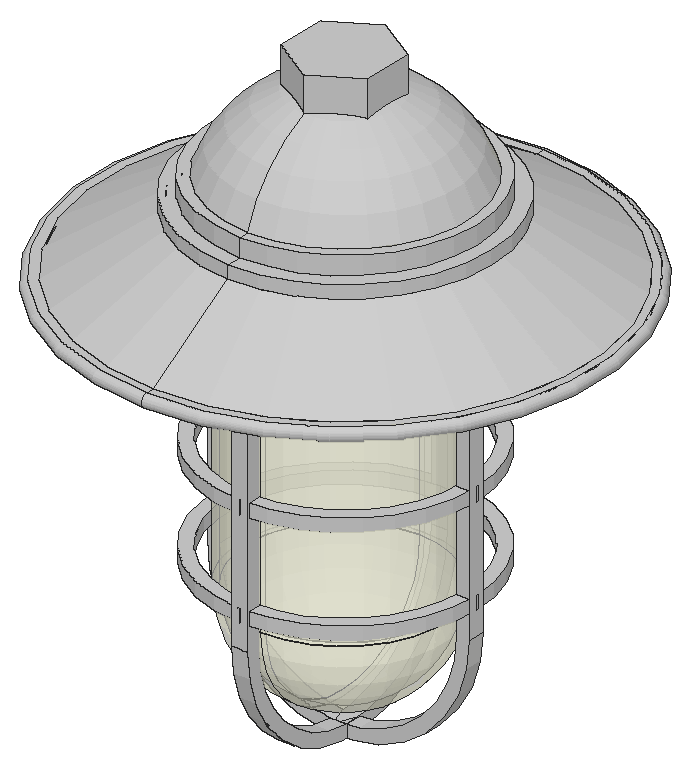
Revit family "HP1.CG", category Lighting Fixtures, Revit 2024
Family settings
  Round Connector Dimension = Use Diameter
  Part Type = Normal
  OmniClass Number = 23.80.70.00
  OmniClass Title = Lighting
  Work Plane-Based = No
  Always vertical = Yes
  Cut with Voids When Loaded = No
  Light Source = No
  Maintain Annotation Orientation = No
  Shared = No
  Room Calculation Point = No
Parameters
  Default Elevation = 0' - 0"
Reference planes (in)
  plane 1 "Light Source Axis (F/B)": y = 0
  plane 2: z = 0
  plane 3 "Light Source Axis (L/R)": x = 0
  plane 4 "Light Source Elevation": z = 55.8115
Forms (in)
  Extrusion 1, solid, material "49"
    sketch origin (9.35, 6.84003, 55.8115) x (-1, 0, 0) y (0, -1, 0)
      loop
        line (9.36163, 6.05272) -> (10.04346, 6.44638) -> (10.04346, 7.23369) -> (9.36163, 7.62734) -> (8.6798, 7.23369) -> (8.6798, 6.44638) -> (9.36163, 6.05272)
    from 8.87938 to 9.53136
  Extrusion 2, solid, material "49"
    sketch origin (1.35, 6.84003, -21.61075) x (0, 1, 0) y (0, 0, 1)
      loop
        line (-4.78958, 84.58935) -> (-4.99147, 84.58935) -> (-4.99147, 79.4727)
        arc (-4.99147, 79.4727) -> (-5.57549, 78.12432) -> (-6.95853, 77.62794) r 1.84856
        arc (-6.95853, 77.62794) -> (-8.1884, 78.20816) -> (-8.68859, 79.4727) r 1.84856
        line (-8.68859, 79.4727) -> (-8.68859, 84.58935) -> (-8.89048, 84.58935) -> (-8.89048, 79.4727)
        arc (-8.89048, 79.4727) -> (-6.84003, 77.42225) -> (-4.78958, 79.4727) r 2.05045
        line (-4.78958, 79.4727) -> (-4.78958, 84.58935)
    from -1.47618 to -1.22382
  Revolve 3, solid, material "49"
    sketch origin (0.00202, 6.84003, -21.61075) x (0, 1, 0) y (0, 0, 1)
      loop
        line (-6.84003, 86.56466) -> (-6.84003, 86.4709)
        arc (-6.84003, 86.4709) -> (-5.692, 86.10354) -> (-4.99589, 85.1195) r 1.90036
        line (-4.99589, 85.1195) -> (-4.83639, 85.1195) -> (-4.83639, 84.89938) -> (-4.79169, 84.89938) -> (-4.79169, 84.6831) -> (-5.08522, 84.6831) -> (-5.08522, 84.30461) -> (-4.99147, 84.30461) -> (-4.99147, 84.58935) -> (-4.72521, 84.58935) -> (-4.72521, 84.86703) -> (-4.64006, 84.86703) -> (-4.64006, 84.7086) -> (-3.06264, 83.73059)
        arc (-3.06264, 83.73059) -> (-2.88662, 83.7017) -> (-2.9673, 83.86078) r 0.1
        line (-2.9673, 83.86078) -> (-3.0947, 83.86078) -> (-4.54631, 84.76078) -> (-4.54631, 84.96078) -> (-4.77601, 84.96078) -> (-4.77601, 85.241) -> (-4.93721, 85.241)
        arc (-4.93721, 85.241) -> (-5.67655, 86.2077) -> (-6.84003, 86.56466) r 1.99411
      loop
        line (-4.99147, 82.87328) -> (-4.78958, 82.87328) -> (-4.78958, 83.07517) -> (-4.99147, 83.07517) -> (-4.99147, 82.87328)
      loop
        line (-4.99147, 81.35911) -> (-4.78958, 81.35911) -> (-4.78958, 81.561) -> (-4.99147, 81.561) -> (-4.99147, 81.35911)
      loop
        line (-4.99147, 79.84493) -> (-4.78958, 79.84493) -> (-4.78958, 80.04682) -> (-4.99147, 80.04682) -> (-4.99147, 79.84493)
      axis (-6.84003, 86.56466) -> (-6.84003, 79.84493)
    angle from 0 to 360
  Extrusion 4, solid, material "49"
    sketch origin (9.35, 5.40871, -21.61075) x (1, 0, 0) y (0, 0, 1)
      loop
        line (-11.40045, 84.58935) -> (-11.40045, 79.4727)
        arc (-11.40045, 79.4727) -> (-9.35, 77.42225) -> (-7.29955, 79.4727) r 2.05045
        line (-7.29955, 79.4727) -> (-7.29955, 84.58935) -> (-7.50144, 84.58935) -> (-7.50144, 79.4727)
        arc (-7.50144, 79.4727) -> (-8.05489, 78.15366) -> (-9.38383, 77.62445) r 1.84856
        arc (-9.38383, 77.62445) -> (-10.66903, 78.17758) -> (-11.19856, 79.4727) r 1.84856
        line (-11.19856, 79.4727) -> (-11.19856, 84.58935) -> (-11.40045, 84.58935)
    from 5.28252 to 5.53489
  Revolve 5, solid, material "VAPOR GLASS"
    sketch origin (-0.01133, 12.35791, -10.95725) x (0, -1, 0) y (0, 0, 1)
      loop
        line (10.78518, 73.99721) -> (10.78518, 68.86144)
        arc (10.78518, 68.86144) -> (11.25381, 67.73006) -> (12.38518, 67.26144) r 1.6
        line (12.38518, 67.26144) -> (12.38518, 67.35519)
        arc (12.38518, 67.35519) -> (11.3201, 67.79636) -> (10.87893, 68.86144) r 1.50625
        line (10.87893, 68.86144) -> (10.87893, 73.99721) -> (10.78518, 73.99721)
      axis (12.38518, 67.26144) -> (12.38518, 73.99721)
    angle from 0 to 360
Dimensions and locks (in)
  aligned and locked: level to plane 2
